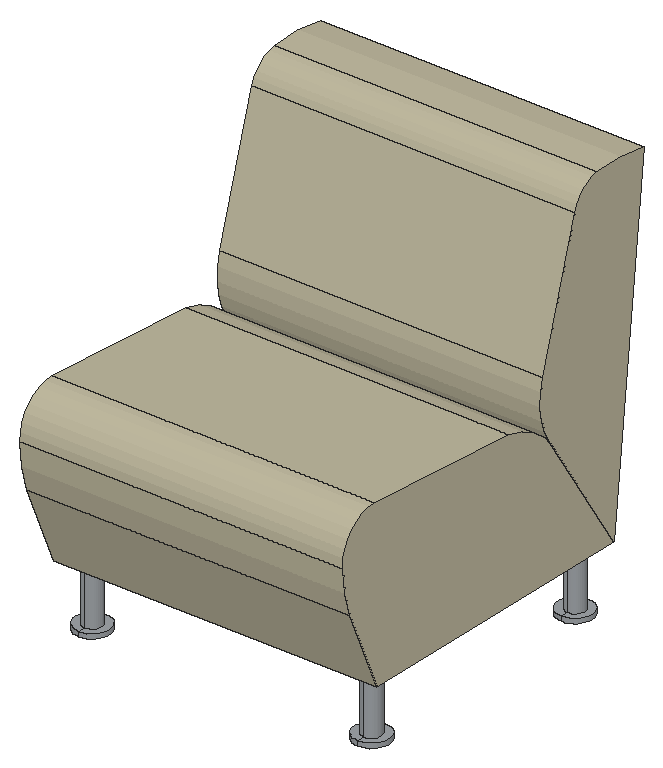
Revit family
Parameters
  URL = "http://www.martinbrattrud.com"
  SCS Certified Product = "Yes"
  Model = "La Moye 965-01"
  Manufacturer = "Martin Brattrud, Inc."
  Leg [instance] = none
  Keynote = "125000"
  Copyright = "© 2013 Martin Brattrud, Inc."
  Chair [instance] = none
  Back Cushion [instance] = none
  Authoring Version = "Revit Architecture 2010"
  Assembly Code = "E2020200"
Reference planes (in)
  plane 1 "Center Front/Back": y = 0
  plane 2: z = 0
  plane 3 "Center Left/Right": x = 0
  plane 4: x = -13
  plane 5: x = 13
Forms (in)
  Revolve 1, solid, material <- "Leg"
    sketch origin (11.25, -67.71472, 48) x (0, -1, 0) y (0, 0, -1)
      loop
        line (-77.96875, 48) -> (-77.96875, 43) -> (-77.22063, 43) -> (-77.22063, 47.625) -> (-76.59563, 47.625) -> (-76.59563, 48) -> (-77.96875, 48)
      axis (-77.96875, 43) -> (-77.96875, 48)
    angle from 0 to 360
  Extrusion 2, solid, material <- "Chair"
    sketch origin (0, 0, 0) x (0, 1, 0) y (0, 0, 1)
      loop
        line (-11.95264, 5) -> (11.99409, 5) -> (5.80176, 14.50338)
        arc (5.80176, 14.50338) -> (3.89817, 16.40481) -> (1.38763, 17.37245) r 6.5
        arc (1.38763, 17.37245) -> (-5.34941, 18.17324) -> (-12.12945, 18.41813) r 82.55346
        arc (-12.12945, 18.41813) -> (-14.44915, 17.42778) -> (-15.36191, 15.07646) r 3.25
        arc (-15.36191, 15.07646) -> (-15.15255, 13.17383) -> (-14.63767, 11.33026) r 11.77401
        spline (-14.63767, 11.33026) -> (-14.43698, 10.7933) -> (-14.23205, 10.25794) -> (-14.02289, 9.72422) -> (-13.80953, 9.19218) -> (-13.59197, 8.66184) -> (-13.37022, 8.13324) -> (-13.1443, 7.60641) -> (-12.91422, 7.08139) -> (-12.68, 6.5582) -> (-12.44166, 6.03689) -> (-12.1992, 5.51748) -> (-11.95264, 5)
    from -13 to 13
  Extrusion 3, solid, material <- "Chair"
    sketch origin (0, 0, 0) x (0, 1, 0) y (0, 0, 1)
      loop
        arc (14.9548, 32.19439) -> (12.62822, 32.51147) -> (10.28202, 32.41766) r 13.4034
        arc (10.28202, 32.41766) -> (8.8587, 31.7918) -> (8.0023, 30.49406) r 2.75
        line (8.0023, 30.49406) -> (4.79165, 19.99248)
        arc (4.79165, 19.99248) -> (4.58851, 17.39865) -> (5.50248, 14.9627) r 6
        line (5.50248, 14.9627) -> (11.99409, 5) -> (14.9548, 32.19439)
    from -13 to 13
  Revolve 4, solid, material <- "Leg"
    sketch origin (11.25, 67.71472, 48) x (0, 1, 0) y (0, 0, 1)
      loop
        line (-77.96875, -48) -> (-76.59563, -48) -> (-76.59563, -47.625) -> (-77.22063, -47.625) -> (-77.22063, -43) -> (-77.96875, -43) -> (-77.96875, -48)
      axis (-77.96875, -43) -> (-77.96875, -48)
    angle from 0 to 360
  Revolve 5, solid, material <- "Leg"
    sketch origin (-11.25, -67.71472, 48) x (0, -1, 0) y (0, 0, 1)
      loop
        line (-77.96875, -48) -> (-76.59563, -48) -> (-76.59563, -47.625) -> (-77.22063, -47.625) -> (-77.22063, -43) -> (-77.96875, -43) -> (-77.96875, -48)
      axis (-77.96875, -43) -> (-77.96875, -48)
    angle from 0 to 360
  Revolve 6, solid, material <- "Leg"
    sketch origin (-11.25, 67.71472, 48) x (0, 1, 0) y (0, 0, -1)
      loop
        line (-77.96875, 48) -> (-77.96875, 43) -> (-77.22063, 43) -> (-77.22063, 47.625) -> (-76.59563, 47.625) -> (-76.59563, 48) -> (-77.96875, 48)
      axis (-77.96875, 43) -> (-77.96875, 48)
    angle from 0 to 360
